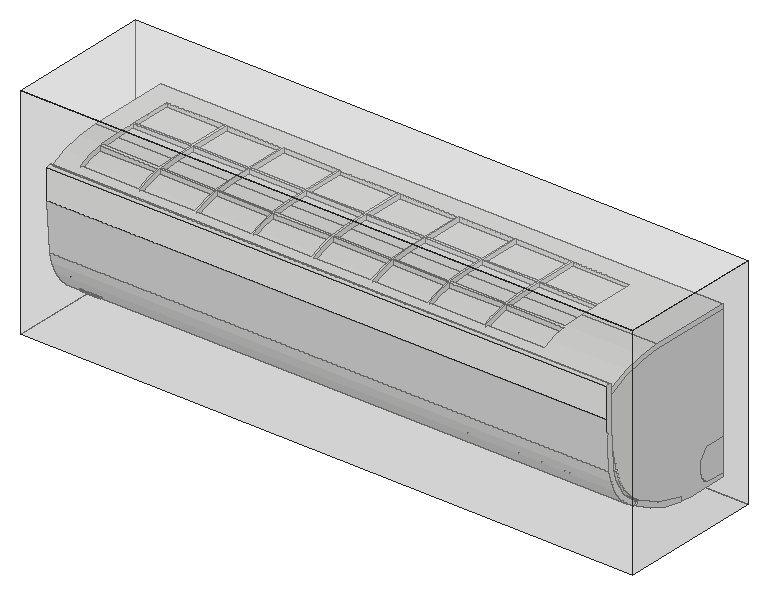
Revit family "outputfile", category 機械設備, Revit 2024
Family settings
  丸型コネクタ寸法 = 半径を使用
  パーツ タイプ = 標準
  OmniClass 番号 = 23.75.10.24.21.27.27
  OmniClass タイトル = Split System Air Conditioning Units
  作業面ベース = いいえ
  常に垂直 = はい
  ロード時にボイドで切り取り = いいえ
  注釈の向きを維持 = いいえ
  共有 = いいえ
  部屋計算ポイント = いいえ
Parameters (values of type "FXAQ40AVM")
  Description = ""
  製造元 = "Daikin"
  書き出し IFC クラス(タイプ) = "IfcUnitaryEquipmentType"
  定義済み IFC タイプ(タイプ) = "AIRCONDITIONINGUNIT"
  Cost = 0
  モデル = "FXAQ40AVM"
  Type Comments = ""
  Keynote = ""
  Type Image = (empty or 0)
  Assembly Code = ""
  w3_Indoor air flow = if(Width = 1050.0 mm, 109.0 mm, 1.0 mm)  # 109.0 mm
  w2_Indoor air flow = if(Width = 1050.0 mm, 103.0 mm, 98.0 mm)  # 103.0 mm
  w1_Indoor air flow = if(Width = 1050.0 mm, 108.0 mm, 103.0 mm)  # 108.0 mm
  r_Liquid Pipe Size = Liquid Pipe Size / 2  # 3.2 mm
  r_Gas Pipe Size = Gas Pipe Size / 2  # 6.35 mm
  r_Drain Pipe Size = Drain Pipe Size / 2  # 7.5 mm
  lw_powersupply [instance] = if(Width = 795.0 mm, if(or(Rear Right Connection_refrigerant, Bottom Right Connection_refrigerant), 83.0 mm, if(or(Rear Left Connection_refrigerant, Bottom Left Connection_refrigerant), 740.0 mm, 400.0 mm)), if(Width = 1050.0 mm, if(or(Rear Right Connection_refrigerant, Bottom Right Connection_refrigerant), 83.0 mm, if(or(Rear Left Connection_refrigerant, Bottom Left Connection_refrigerant), 712.0 mm + (1050.0 mm - 795.0 mm), 400.0 mm)), if(or(Rear Right Connection_refrigerant, Bottom Right Connection_refrigerant), 83.0 mm, if(or(Rear Left Connection_refrigerant, Bottom Left Connection_refrigerant), 712.0 mm, 400.0 mm))))  # 400.0 mm
  lw_liquidpipe [instance] = if(Width = 795.0 mm, if(or(Rear Right Connection_refrigerant, Bottom Right Connection_refrigerant), 0.0 mm, if(or(Rear Left Connection_refrigerant, Bottom Left Connection_refrigerant), 627.0 mm, 460.0 mm)), if(Width = 1050.0 mm, if(or(Rear Right Connection_refrigerant, Bottom Right Connection_refrigerant), 0.0 mm, if(or(Rear Left Connection_refrigerant, Bottom Left Connection_refrigerant), 627.0 mm + (1050.0 mm - 795.0 mm), 460.0 mm)), if(or(Rear Right Connection_refrigerant, Bottom Right Connection_refrigerant), 0.0 mm, if(or(Rear Left Connection_refrigerant, Bottom Left Connection_refrigerant), 627.0 mm, 460.0 mm))))  # 460.0 mm
  lw_gaspipe [instance] = if(Width = 795.0 mm, if(or(Rear Right Connection_refrigerant, Bottom Right Connection_refrigerant), 0.0 mm, if(or(Rear Left Connection_refrigerant, Bottom Left Connection_refrigerant), 620.0 mm, 415.0 mm)), if(Width = 1050.0 mm, if(or(Rear Right Connection_refrigerant, Bottom Right Connection_refrigerant), 0.0 mm, if(or(Rear Left Connection_refrigerant, Bottom Left Connection_refrigerant), 620.0 mm + (1050.0 mm - 795.0 mm), 415.0 mm)), if(or(Rear Right Connection_refrigerant, Bottom Right Connection_refrigerant), 0.0 mm, if(or(Rear Left Connection_refrigerant, Bottom Left Connection_refrigerant), 620.0 mm, 415.0 mm))))  # 415.0 mm
  lw_drainpipe [instance] = if(Width = 795.0 mm, if(or(Rear Right Connection_refrigerant, Bottom Right Connection_refrigerant), 0.0 mm, if(or(Rear Left Connection_refrigerant, Bottom Left Connection_refrigerant), 655.0 mm, 475.0 mm)), if(Width = 1050.0 mm, if(or(Rear Right Connection_refrigerant, Bottom Right Connection_refrigerant), 0.0 mm, if(or(Rear Left Connection_refrigerant, Bottom Left Connection_refrigerant), 655.0 mm + (1050.0 mm - 795.0 mm), 475.0 mm)), if(or(Rear Right Connection_refrigerant, Bottom Right Connection_refrigerant), 0.0 mm, if(or(Rear Left Connection_refrigerant, Bottom Left Connection_refrigerant), 655.0 mm, 475.0 mm))))  # 475.0 mm
  l_powersupply_length [instance] = if(Width = 795.0 mm, if(Right Connection_refrigerant, 400.0 mm, if(Left Connection_refrigerant, 395.0 mm, if(or(Rear Left Connection_refrigerant, Rear Right Connection_refrigerant), 15.0 mm, 50.0 mm))), if(Width = 1050.0 mm, if(Right Connection_refrigerant, 400.0 mm, if(Left Connection_refrigerant, 395.0 mm + (1050.0 mm - 795.0 mm), if(or(Rear Left Connection_refrigerant, Rear Right Connection_refrigerant), 15.0 mm, 50.0 mm))), if(Right Connection_refrigerant, 400.0 mm, if(Left Connection_refrigerant, 395.0 mm, if(or(Rear Left Connection_refrigerant, Rear Right Connection_refrigerant), 15.0 mm, 50.0 mm)))))  # 400.0 mm
  l_liquidpipe_length [instance] = if(Width = 795.0 mm, if(Right Connection_refrigerant, 558.0 mm, if(Left Connection_refrigerant, 237.0 mm, if(or(Rear Left Connection_refrigerant, Rear Right Connection_refrigerant), 30.0 mm, 40.0 mm))), if(Width = 1050.0 mm, if(Right Connection_refrigerant, 558.0 mm, if(Left Connection_refrigerant, 237.0 mm + (1050.0 mm - 795.0 mm), if(or(Rear Left Connection_refrigerant, Rear Right Connection_refrigerant), 30.0 mm, 40.0 mm))), if(Right Connection_refrigerant, 558.0 mm, if(Left Connection_refrigerant, 237.0 mm, if(or(Rear Left Connection_refrigerant, Rear Right Connection_refrigerant), 30.0 mm, 40.0 mm)))))  # 558.0 mm
  l_gaspipe_length [instance] = if(Width = 795.0 mm, if(Right Connection_refrigerant, 513.0 mm, if(Left Connection_refrigerant, 282.0 mm, if(or(Rear Left Connection_refrigerant, Rear Right Connection_refrigerant), 40.0 mm, 50.0 mm))), if(Width = 1050.0 mm, if(Right Connection_refrigerant, 513.0 mm, if(Left Connection_refrigerant, 282.0 mm + (1050.0 mm - 795.0 mm), if(or(Rear Left Connection_refrigerant, Rear Right Connection_refrigerant), 40.0 mm, 50.0 mm))), if(Right Connection_refrigerant, 513.0 mm, if(Left Connection_refrigerant, 282.0 mm, if(or(Rear Left Connection_refrigerant, Rear Right Connection_refrigerant), 40.0 mm, 50.0 mm)))))  # 513.0 mm
  l_drainpipe_length [instance] = if(Width = 795.0 mm, if(Right Connection_refrigerant, 573.0 mm, if(Left Connection_refrigerant, 222.0 mm, if(or(Rear Left Connection_refrigerant, Rear Right Connection_refrigerant), 15.0 mm, 20.0 mm))), if(Width = 1050.0 mm, if(Right Connection_refrigerant, 573.0 mm, if(Left Connection_refrigerant, 222.0 mm + (1050.0 mm - 795.0 mm), if(or(Rear Left Connection_refrigerant, Rear Right Connection_refrigerant), 15.0 mm, 20.0 mm))), if(Right Connection_refrigerant, 573.0 mm, if(Left Connection_refrigerant, 477.0 mm, if(or(Rear Left Connection_refrigerant, Rear Right Connection_refrigerant), 15.0 mm, 20.0 mm)))))  # 573.0 mm
  h*** = 0.0 mm  # constant formula
  d1_Indoor air flow = if(Width = 1050.0 mm, 38.0 mm, 35.0 mm)  # 38.0 mm
  angle_vertical [instance] = if(or(Bottom Left Connection_refrigerant, Bottom Right Connection_refrigerant), 0.00°, 90.00°)  # 90.00°
  angle_horizontal [instance] = if(Right Connection_refrigerant, 90.00°, if(Left Connection_refrigerant, -90.00°, if(or(Rear Left Connection_refrigerant, Rear Right Connection_refrigerant), 180.00°, 0.00°)))  # 90.00°
  Width = 1050.0 mm
  Voltage_comment_60Hz = "220-230"
  Voltage_comment_50Hz = "220-240"
  Voltage_60Hz = 220 V
  Voltage_50Hz = 230 V
  Version = "ver.1.0"
  Unit Type = "Wall Mounted Type"
  Unit Mass Weight = 15.00 kg
  Unit Designation [instance] = ""
  Uniclass2015Version = "Products v1.30"
  Uniclass2015Title = "Variable refrigerant flow units"
  Uniclass2015Code = "Pr_70_65_03_94"
  URL = ""
  Total Heating Capacity [instance] = 0.000 kW
  Total Cooling Capacity [instance] = 0.000 kW
  Sound Pressure Level_M speed (dBA) = 0
  Sound Pressure Level_L speed (dBA) = 33.5
  Sound Pressure Level_H speed (dBA) = 37
  Sound Power Level_H speed (dB) = 0
  Series = "VRV Fan Coil Unit"
  Sensible Cooling Capacity [instance] = 0.000 kW
  Refrigerant Type = "R410A"
  Power Input (Heating) = 0.050 kW
  Power Input (Cooling) = 0.050 kW
  Phase_60Hz = 1
  Phase_50Hz = 1
  Option Accessory 3 [instance] = ""
  Option Accessory 2 [instance] = ""
  Option Accessory 1 [instance] = ""
  Nominal Heating Capacity = 5.000 kW
  Nominal Cooling Capacity = 4.500 kW
  Minimum Circuit Amps_60Hz = 0.7 A
  Minimum Circuit Amps_50Hz = 0.7 A
  Minimum Airflow = 582.00 m³/h
  Median Airflow = 0.00 m³/h
  Maximum Fuse Amps_60Hz = 15.0 A
  Maximum Fuse Amps_50Hz = 15.0 A
  Maximum Airflow = 732.00 m³/h
  Material_Casing = DAIKIN_White_Casing_indoorunit
  Load Classification = HVAC
  Liquid Pipe Size = 6.4 mm
  Link_Nested Family [instance] = ""
  IfcVersion = "0"
  IfcExportType = "AIRCONDITIONINGUNIT"
  IfcExportAs = "IfcUnitaryEquipmentType"
  Height = 290.0 mm
  Heating Entering Wet Bulb Temperature [instance] = 0.00 °C
  Heating Entering Dry Bulb Temperature [instance] = 0.00 °C
  Heating Ambient Wet Bulb Temperature [instance] = 0.00 °C
  Heating Ambient Dry Bulb Temperature [instance] = 0.00 °C
  Heat Exchanger Type = "Cross Fin Coil"
  Gas Pipe Size = 12.7 mm
  Frequency_60Hz = 60 Hz
  Frequency_50Hz = 50 Hz
  Fan Type = "Cross Flow Fan"
  Fan Drive = "Direct Drive"
  FCU Tag No. [instance] = ""
  Drain Pipe Size = 15.0 mm
  Design Supply Airflow [instance] = 0.00 m³/h
  Depth = 269.0 mm
  既定の高さ = 0.0 mm
  Cooling Entering Wet Bulb Temperature [instance] = 0.00 °C
  Cooling Entering Dry Bulb Temperature [instance] = 0.00 °C
  Cooling Ambient Wet Bulb Temperature [instance] = 0.00 °C
  Cooling Ambient Dry Bulb Temperature [instance] = 0.00 °C
  Clearance visibility [instance] = yes
  Clearance Top = 90.0 mm
  Clearance Right = 50.0 mm
  Clearance Rear = 0.0 mm
  Clearance Left = 50.0 mm
  Clearance Front = 0.0 mm
  Clearance Bottom = 30.0 mm
  Bottom Right Connection_refrigerant [instance] = no
  Bottom Left Connection_refrigerant [instance] = no
  Rear Right Connection_refrigerant [instance] = no
  Rear Left Connection_refrigerant [instance] = no
  Right Connection_refrigerant [instance] = yes
  Left Connection_refrigerant [instance] = no
Reference planes
  plane 1 "Back": y = 0
  plane 2: z = 0
  plane 3 "Center (Left/Right)": x = 0
  plane 4 "Center (Front/Back)": y = -134.5
  plane 5 "Front": y = -269
  plane 6 "Left": x = -525
  plane 7 "Right": x = 525
  plane 8 "Top": z = 0
  plane 9 "Bottom": z = -290
  plane 10 "Front panel_Left": x = -523
  plane 11 "Front panel_Right": x = 523
  plane 12: x = 389
  plane 13: x = 384
  plane 14: x = -573
  plane 15: x = 573
  plane 16: y = 0
  plane 17: y = -269
  plane 18: z = 90
  plane 19: z = -320
  plane 20: y = -38
  plane 21: y = -114.5
  plane 22: y = -190.5
  plane 23: y = -240
  plane 24: y = -118
  plane 25: y = -194
  plane 26: x = -50
  plane 27: x = -52
  plane 28: x = -48
  plane 29: x = 60
  plane 30: x = -160
  plane 31: x = -163
  plane 32: x = 63
  plane 33: x = -266
  plane 34: x = 166
  plane 35: x = -269
  plane 36: x = 169
  plane 37: x = -372
  plane 38: x = 272
  plane 39: x = -375
  plane 40: x = 275
  plane 41: x = 384
  plane 42: x = -484
  plane 43 "lw_Piping and Wiring intake": x = 427
  plane 44 "lw_gaspipe": x = 12
  plane 45 "lw_liquidpipe": x = -33
  plane 46 "lw_drainpipe": x = -48
  plane 47 "lh_drainpipe": z = -270
  plane 48 "lh_liquidpipe": z = -250
  plane 49 "lh_gaspipe": z = -240
  plane 50 "ld_drainpipe": y = -15
  plane 51 "ld_liquidpipe": y = -30
  plane 52 "ld_gaspipe": y = -40
  plane 53 "lw_powersupply": x = 125
Forms (mm)
  Extrusion 1, solid, material "DAIKIN_White_Casing_indoorunit" <- "Material_Casing"
    sketch origin (0, 0, 0) x (0, 1, 0) y (0, 0, 1)
      loop
        line (0, 0) -> (-153.182, 0)
        arc (-153.182, 0) -> (-207.578, -6.929) -> (-258.5, -27.273) r 216.99
        line (-258.5, -27.273) -> (-258.5, -36.477)
        arc (-258.5, -36.477) -> (-207.732, -15.245) -> (-153.182, -8) r 208.99
        line (-153.182, -8) -> (0, -8) -> (0, 0)
    from -525 to 525
  Extrusion 2, solid, material "DAIKIN_White_Casing_indoorunit" <- "Material_Casing"
    sketch origin (0, 0, 0) x (0, 1, 0) y (0, 0, 1)
      loop
        arc (-153.182, -8) -> (-207.732, -15.245) -> (-258.5, -36.477) r 208.99
        line (-258.5, -36.477) -> (-258.5, -86.08)
        arc (-258.5, -86.08) -> (-255.889, -129.793) -> (-248.094, -172.885) r 367.242
        arc (-248.094, -172.885) -> (-229.647, -212.392) -> (-197.378, -241.715) r 110.72
        arc (-197.378, -241.715) -> (-148.03, -265.605) -> (-95.247, -280.433) r 310.126
        line (-95.247, -280.433) -> (-95.247, -288.232)
        arc (-95.247, -288.232) -> (-84.534, -289.557) -> (-73.748, -290) r 131.592
        line (-73.748, -290) -> (0, -290) -> (0, -8) -> (-153.182, -8)
    from -525 to 525
  Extrusion 3, solid, material "DAIKIN_White_Casing_indoorunit" <- "Material_Casing"
    sketch origin (525, 1296.25, 1200) x (0, 1, 0) y (0, 0, 1)
      loop
        line (-1491.901, -1442.741) -> (-1496.494, -1450.482)
        arc (-1496.494, -1450.482) -> (-1447.058, -1474.911) -> (-1393.497, -1488.023) r 252.452
        line (-1393.497, -1488.023) -> (-1393.497, -1480.051)
        arc (-1393.497, -1480.051) -> (-1444.293, -1465.6) -> (-1491.901, -1442.741) r 310.126
    from 0 to -40.5
  Extrusion 4, solid, material "DAIKIN_White_Casing_indoorunit" <- "Material_Casing"
    sketch origin (0, 0, 0) x (0, 1, 0) y (0, 0, 1)
      loop
        line (-260, -76.896) -> (-260, -19.457) -> (-261.688, -19.457)
        arc (-261.688, -19.457) -> (-265.551, -20.17) -> (-269, -22.048) r 12.48
        line (-269, -22.048) -> (-269, -76.896) -> (-260, -76.896)
    from -523 to 523
  Extrusion 5, solid, material "DAIKIN_White_Casing_indoorunit" <- "Material_Casing"
    sketch origin (0, 0, 0) x (0, 1, 0) y (0, 0, 1)
      loop
        arc (-269, -76.896) -> (-267.342, -121.828) -> (-262.378, -166.517) r 609.735
        line (-262.378, -166.517) -> (-253.471, -165.192)
        arc (-253.471, -165.192) -> (-258.366, -121.165) -> (-260, -76.896) r 600.314
        line (-260, -76.896) -> (-269, -76.896)
    from -523 to 523
  Extrusion 6, solid, material "DAIKIN_White_Casing_indoorunit" <- "Material_Casing"
    sketch origin (0, 0, 0) x (0, 1, 0) y (0, 0, 1)
      loop
        arc (-262.378, -166.517) -> (-243.331, -214.672) -> (-204.947, -249.433) r 114
        line (-204.947, -249.433) -> (-200.324, -241.643)
        arc (-200.324, -241.643) -> (-235.845, -209.638) -> (-253.471, -165.192) r 104.894
        line (-253.471, -165.192) -> (-262.378, -166.517)
    from -523 to 523
  Extrusion 7, solid, material "DAIKIN_White_Casing_indoorunit" <- "Material_Casing"
    sketch origin (-525, 1296.25, 1200) x (0, 1, 0) y (0, 0, 1)
      loop
        arc (-1496.494, -1450.482) -> (-1447.058, -1474.911) -> (-1393.497, -1488.023) r 252.452
        line (-1393.497, -1488.023) -> (-1393.497, -1480.051)
        arc (-1393.497, -1480.051) -> (-1444.293, -1465.6) -> (-1491.901, -1442.741) r 310.126
        line (-1491.901, -1442.741) -> (-1496.494, -1450.482)
    from 0 to 40.5
  Extrusion 8, solid, material "DAIKIN_White_Casing_indoorunit" <- "Material_Casing"
    sketch origin (0, 0, 0) x (0, 1, 0) y (0, 0, 1)
      loop
        arc (-134.549, -280.22) -> (-116.045, -284.826) -> (-97.247, -288.023) r 252.452
        line (-97.247, -288.023) -> (-97.247, -280.051)
        arc (-97.247, -280.051) -> (-114.669, -276.142) -> (-131.838, -271.237) r 310.126
        line (-131.838, -271.237) -> (-134.549, -280.22)
    from -484.5 to 484.5
  Extrusion 9, solid, material "DAIKIN_White_Casing_indoorunit" <- "Material_Casing"
    sketch origin (389, -1524, 1789.769) x (0, 0, 1) y (0, -1, 0)
      loop
        line (-2032.51, -1328.35) -> (-2040.251, -1323.756)
        arc (-2040.251, -1323.756) -> (-2050.358, -1341.058) -> (-2059.061, -1359.107) r 252.452
        line (-2059.061, -1359.107) -> (-2050.603, -1364.126)
        arc (-2050.603, -1364.126) -> (-2042.135, -1345.945) -> (-2032.51, -1328.35) r 310.126
    from 0 to 95.5
  Extrusion 10, solid, material "DAIKIN_White_Casing_indoorunit" <- "Material_Casing"
    sketch origin (389, -1524, 1789.769) x (0, 0, 1) y (0, -1, 0)
      loop
        arc (-2059.061, -1359.107) -> (-2065.01, -1374.104) -> (-2069.989, -1389.451) r 252.452
        line (-2069.989, -1389.451) -> (-2061.006, -1392.162)
        arc (-2061.006, -1392.162) -> (-2056.142, -1378.019) -> (-2050.603, -1364.126) r 310.126
        line (-2050.603, -1364.126) -> (-2059.061, -1359.107)
    from 0 to 95.5
  Extrusion 11, solid, material "DAIKIN_White_Casing_indoorunit" <- "Material_Casing"
    sketch origin (384, -1524, 1089.438) x (0, 0, 1) y (0, -1, 0)
      loop
        arc (-1350.272, -1364.126) -> (-1341.805, -1345.945) -> (-1332.179, -1328.35) r 310.126
        line (-1332.179, -1328.35) -> (-1339.92, -1323.756)
        arc (-1339.92, -1323.756) -> (-1350.027, -1341.058) -> (-1358.73, -1359.107) r 252.452
        line (-1358.73, -1359.107) -> (-1350.272, -1364.126)
    from 0 to -868.5
  Extrusion 12, solid, material "DAIKIN_White_Casing_indoorunit" <- "Material_Casing"
    sketch origin (384, -1524, 1089.438) x (0, 0, 1) y (0, -1, 0)
      loop
        arc (-1360.675, -1392.162) -> (-1355.812, -1378.019) -> (-1350.272, -1364.126) r 310.126
        line (-1350.272, -1364.126) -> (-1358.73, -1359.107)
        arc (-1358.73, -1359.107) -> (-1364.679, -1374.104) -> (-1369.658, -1389.451) r 252.452
        line (-1369.658, -1389.451) -> (-1360.675, -1392.162)
    from 0 to -868.5
  Extrusion 13, void
    sketch origin (0, 0, 0) x (-1, 0, 0) y (0, -1, 0)
      loop
        line (48, 38) -> (48, 114.5) -> (-60, 114.5) -> (-60, 38) -> (48, 38)
      loop
        line (-63, 38) -> (-63, 114.5) -> (-166, 114.5) -> (-166, 38) -> (-63, 38)
      loop
        line (-169, 38) -> (-169, 114.5) -> (-272, 114.5) -> (-272, 38) -> (-169, 38)
      loop
        line (-275, 38) -> (-275, 114.5) -> (-384, 114.5) -> (-384, 38) -> (-275, 38)
      loop
        line (160, 38) -> (160, 114.5) -> (52, 114.5) -> (52, 38) -> (160, 38)
      loop
        line (-275, 118) -> (-275, 190.5) -> (-384, 190.5) -> (-384, 118) -> (-275, 118)
      loop
        line (-275, 194) -> (-275, 240) -> (-384, 240) -> (-384, 194) -> (-275, 194)
      loop
        line (-169, 240) -> (-272, 240) -> (-272, 194) -> (-169, 194) -> (-169, 240)
      loop
        line (-63, 240) -> (-166, 240) -> (-166, 194) -> (-63, 194) -> (-63, 240)
      loop
        line (-60, 194) -> (48, 194) -> (48, 240) -> (-60, 240) -> (-60, 194)
      loop
        line (160, 240) -> (52, 240) -> (52, 194) -> (160, 194) -> (160, 240)
      loop
        line (266, 240) -> (163, 240) -> (163, 194) -> (266, 194) -> (266, 240)
      loop
        line (372, 240) -> (269, 240) -> (269, 194) -> (372, 194) -> (372, 240)
      loop
        line (163, 38) -> (266, 38) -> (266, 114.5) -> (163, 114.5) -> (163, 38)
      loop
        line (269, 38) -> (372, 38) -> (372, 114.5) -> (269, 114.5) -> (269, 38)
      loop
        line (372, 118) -> (372, 190.5) -> (269, 190.5) -> (269, 118) -> (372, 118)
      loop
        line (266, 118) -> (266, 190.5) -> (163, 190.5) -> (163, 118) -> (266, 118)
      loop
        line (160, 118) -> (160, 190.5) -> (52, 190.5) -> (52, 118) -> (160, 118)
      loop
        line (48, 118) -> (48, 190.5) -> (-60, 190.5) -> (-60, 118) -> (48, 118)
      loop
        line (-63, 118) -> (-63, 190.5) -> (-166, 190.5) -> (-166, 118) -> (-63, 118)
      loop
        line (-169, 118) -> (-169, 190.5) -> (-272, 190.5) -> (-272, 118) -> (-169, 118)
      loop
        line (375, 38) -> (484, 38) -> (484, 114.5) -> (375, 114.5) -> (375, 38)
      loop
        line (484, 118) -> (484, 190.5) -> (375, 190.5) -> (375, 118) -> (484, 118)
      loop
        line (484, 240) -> (375, 240) -> (375, 194) -> (484, 194) -> (484, 240)
    from 2 to -30
  Extrusion 14, solid, material "DAIKIN_White_Casing_indoorunit" <- "Material_Casing"
    sketch origin (0, 0, 0) x (1, 0, 0) y (0, 0, 1)
      loop
        circle (427, -246) r 40
      loop
        circle (-465, -246) r 40
    from 0 to 5
  Extrusion 15, solid, material "DAIKIN_White_Casing_indoorunit" <- "Material_Casing"
    sketch origin (525, 1296.25, 1200) x (0, -1, 0) y (0, 0, 1)
      loop
        line (1326.25, -1422) -> (1296.25, -1422) -> (1296.25, -1482) -> (1326.25, -1482)
        arc (1326.25, -1482) -> (1340.393, -1476.142) -> (1346.25, -1462) r 20
        line (1346.25, -1462) -> (1346.25, -1442)
        arc (1346.25, -1442) -> (1340.393, -1427.858) -> (1326.25, -1422) r 20
    from 0 to 5
  Extrusion 16, solid, material "DAIKIN_White_Casing_indoorunit" <- "Material_Casing"
    sketch origin (-525, 1296.25, 1200) x (0, 1, 0) y (0, 0, 1)
      loop
        line (-1296.25, -1422) -> (-1326.25, -1422)
        arc (-1326.25, -1422) -> (-1340.393, -1427.858) -> (-1346.25, -1442) r 20
        line (-1346.25, -1442) -> (-1346.25, -1462)
        arc (-1346.25, -1462) -> (-1340.393, -1476.142) -> (-1326.25, -1482) r 20
        line (-1326.25, -1482) -> (-1296.25, -1482) -> (-1296.25, -1422)
    from 0 to 5
  Extrusion 17, solid, material "DAIKIN_White_Casing_indoorunit" <- "Material_Casing"
    sketch origin (0, 0, -290) x (-1, 0, 0) y (0, -1, 0)
      loop
        line (-397, 0) -> (-397, 30)
        arc (-397, 30) -> (-402.858, 44.142) -> (-417, 50) r 20
        line (-417, 50) -> (-437, 50)
        arc (-437, 50) -> (-451.142, 44.142) -> (-457, 30) r 20
        line (-457, 30) -> (-457, 0) -> (-397, 0)
      loop
        line (495, 0) -> (495, 30)
        arc (495, 30) -> (489.142, 44.142) -> (475, 50) r 20
        line (475, 50) -> (455, 50)
        arc (455, 50) -> (440.858, 44.142) -> (435, 30) r 20
        line (435, 30) -> (435, 0) -> (495, 0)
    from 0 to 5
Cuts and joins
  joined: Extrusion 4, Extrusion 5, Extrusion 6
  joined: Extrusion 3, Extrusion 7, Extrusion 8
  Extrusion 13 cuts Extrusion 1
Lines and regions (mm)
  reference lines
    curve 1: line (-523, -230.394, -229.966) -> (-523, -223.117, -236.824)
Dimensions and locks
  equal spacing: plane 6 "Left", plane 3 "Center (Left/Right)", plane 7 "Right"
  "Width": plane 6 "Left" to plane 7 "Right"
  equal spacing: plane 5 "Front", plane 4 "Center (Front/Back)", plane 1 "Back"
  "Depth": plane 5 "Front" to plane 1 "Back"
  "Height": plane 8 "Top" to plane 9 "Bottom"
  locked: Extrusion 1 sketch curve to Extrusion 1 sketch curve at 8
  locked: Extrusion 2 sketch curve to plane 1 "Back" at 73.748
  locked: Extrusion 3 sketch curve to plane 1 "Back" at 97.247
  locked: Extrusion 4 sketch curve to Extrusion 4 sketch curve at 9
  locked: plane 8 "Top" to Extrusion 4 sketch curve at 19.457
  locked: plane 5 "Front" to Extrusion 6 sketch curve at 6.622
  locked: plane 5 "Front" to Extrusion 6 sketch curve at 15.529
  locked: plane 10 "Front panel_Left" to plane 6 "Left" at 2
  locked: plane 7 "Right" to plane 11 "Front panel_Right" at 2
  locked: cut or joined group of Extrusion 3, Extrusion 7, Extrusion 8 to Extrusion 9 sketch curve at 40
  locked: plane 7 "Right" to plane 12 at 136
  locked: plane 12 to plane 13 at 5
  "Clearance Left": plane 14 to plane 10 "Front panel_Left"
  "Clearance Right": plane 11 "Front panel_Right" to plane 15
  "Clearance Rear": plane 16 to plane 1 "Back"
  "Clearance Front": plane 17 to plane 5 "Front"
  "Clearance Top": plane 18 to plane 8 "Top"
  "Clearance Bottom": plane 9 "Bottom" to plane 19
  locked: nested 2 to plane 10 "Front panel_Left" at 50
  "d1_Indoor air flow": plane 20 to plane 1 "Back"
  locked: plane 20 to plane 21 at 76.5
  locked: plane 21 to plane 24 at 3.5
  locked: plane 24 to plane 22 at 72.5
  locked: plane 22 to plane 25 at 3.5
  locked: plane 25 to plane 23 at 46
  locked: plane 26 to plane 3 "Center (Left/Right)" at 50
  equal spacing: plane 27, plane 26, plane 28
  locked: plane 27 to plane 28 at 4
  "w1_Indoor air flow": plane 28 to plane 29
  "w1_Indoor air flow": plane 30 to plane 27
  locked: plane 31 to plane 30 at 3
  locked: plane 29 to plane 32 at 3
  "w2_Indoor air flow": plane 33 to plane 31
  "w2_Indoor air flow": plane 32 to plane 34
  locked: plane 35 to plane 33 at 3
  locked: plane 34 to plane 36 at 3
  locked: plane 37 to plane 35 at 103
  locked: plane 36 to plane 38 at 103
  locked: plane 39 to plane 37 at 3
  locked: plane 38 to plane 40 at 3
  "w3_Indoor air flow": plane 40 to plane 41
  "w3_Indoor air flow": plane 42 to plane 39
  locked: plane 9 "Bottom" to Extrusion 14 sketch curve at 44  (x2)
  locked: Extrusion 14 sketch curve to plane 6 "Left" at 60
  locked: plane 7 "Right" to Extrusion 14 sketch curve at 98
  locked: plane 43 "lw_Piping and Wiring intake" to plane 7 "Right" at 98
  "lw_gaspipe": plane 44 "lw_gaspipe" to plane 43 "lw_Piping and Wiring intake"
  "lw_liquidpipe": plane 45 "lw_liquidpipe" to plane 43 "lw_Piping and Wiring intake"
  "lw_drainpipe": plane 46 "lw_drainpipe" to plane 43 "lw_Piping and Wiring intake"
  locked: plane 47 "lh_drainpipe" to plane 9 "Bottom" at 20
  locked: plane 48 "lh_liquidpipe" to plane 9 "Bottom" at 40
  locked: plane 49 "lh_gaspipe" to plane 9 "Bottom" at 50
  locked: plane 50 "ld_drainpipe" to plane 1 "Back" at 15
  locked: plane 1 "Back" to plane 51 "ld_liquidpipe" at 30
  locked: plane 1 "Back" to plane 52 "ld_gaspipe" at 40
  Extrusion 15 sketch curve to Extrusion 15 sketch curve to plane 9 "Bottom" = 60.0 mm locked, 8.0 mm locked
  locked: Extrusion 15 sketch curve to Extrusion 15 sketch curve at 50
  locked: Extrusion 17 sketch curve to Extrusion 17 sketch curve at 60  (x2)
  locked: Extrusion 17 sketch curve to Extrusion 17 sketch curve at 50
  locked: Extrusion 17 sketch curve to plane 43 "lw_Piping and Wiring intake" at 30
  locked: plane 6 "Left" to Extrusion 17 sketch curve at 30
  "lw_powersupply": plane 53 "lw_powersupply" to plane 7 "Right"
  radius of Extrusion 5 sketch curve = 609.735 mm
  radius of Extrusion 5 sketch curve = 600.314 mm
  aligned and locked: level to plane 2
  aligned and locked: plane 8 "Top" to Extrusion 1 sketch curve
  aligned and locked: plane 1 "Back" to Extrusion 1 sketch curve
  aligned and locked: Extrusion 1 to plane 6 "Left"
  aligned and locked: plane 7 "Right" to Extrusion 1
  aligned and locked: Extrusion 2 sketch curve to Extrusion 1
  aligned and locked: Extrusion 1 to Extrusion 2 sketch curve
  aligned and locked: plane 1 "Back" to Extrusion 2 sketch curve
  aligned and locked: Extrusion 2 sketch curve to plane 9 "Bottom"
  aligned and locked: Extrusion 2 to plane 6 "Left"
  aligned and locked: plane 7 "Right" to Extrusion 2
  aligned and locked: Extrusion 3 sketch curve to Extrusion 2
  aligned and locked: plane 5 "Front" to Extrusion 4 sketch curve
  aligned and locked: Extrusion 5 sketch curve to Extrusion 4
  aligned and locked: Extrusion 6 sketch curve to Extrusion 5
  aligned and locked: cut or joined group of Extrusion 4, Extrusion 5, Extrusion 6 to plane 11 "Front panel_Right"  (x3)
  aligned and locked: plane 10 "Front panel_Left" to cut or joined group of Extrusion 4, Extrusion 5, Extrusion 6  (x3)
  aligned and locked: Extrusion 7 sketch curve to Extrusion 3  (x4)
  aligned and locked: Extrusion 8 sketch curve to Extrusion 3  (x3)
  aligned and locked: Extrusion 8 to Extrusion 3
  aligned and locked: Extrusion 8 to Extrusion 7
  aligned and locked: Extrusion 9 sketch curve to cut or joined group of Extrusion 3, Extrusion 7, Extrusion 8  (x3)
  aligned and locked: Extrusion 10 sketch curve to cut or joined group of Extrusion 3, Extrusion 7, Extrusion 8  (x3)
  aligned and locked: Extrusion 10 sketch curve to Extrusion 9
  aligned and locked: Extrusion 9 to cut or joined group of Extrusion 3, Extrusion 7, Extrusion 8
  aligned and locked: Extrusion 10 to cut or joined group of Extrusion 3, Extrusion 7, Extrusion 8
  aligned and locked: Extrusion 11 sketch curve to Extrusion 9  (x4)
  aligned and locked: Extrusion 11 to cut or joined group of Extrusion 3, Extrusion 7, Extrusion 8
  aligned and locked: Extrusion 12 sketch curve to Extrusion 10  (x4)
  aligned and locked: Extrusion 12 to cut or joined group of Extrusion 3, Extrusion 7, Extrusion 8
  aligned and locked: plane 16 to nested 1
  aligned and locked: nested 1 to plane 17
  aligned and locked: plane 14 to nested 1
  aligned and locked: plane 15 to nested 1
  aligned and locked: plane 19 to nested 1
  aligned and locked: plane 18 to nested 1
  aligned and locked: nested 2 to curve 1
  aligned and locked: Extrusion 13 sketch curve to plane 20  (x5)
  aligned and locked: plane 28 to Extrusion 13 sketch curve  (x2)
  aligned and locked: plane 21 to Extrusion 13 sketch curve  (x5)
  aligned and locked: Extrusion 13 sketch curve to plane 29  (x2)
  aligned and locked: plane 32 to Extrusion 13 sketch curve  (x2)
  aligned and locked: Extrusion 13 sketch curve to plane 34  (x2)
  aligned and locked: plane 36 to Extrusion 13 sketch curve  (x2)
  aligned and locked: Extrusion 13 sketch curve to plane 38  (x2)
  aligned and locked: plane 40 to Extrusion 13 sketch curve  (x3)
  aligned and locked: Extrusion 13 sketch curve to plane 41  (x3)
  aligned and locked: plane 30 to Extrusion 13 sketch curve  (x2)
  aligned and locked: Extrusion 13 sketch curve to plane 27  (x2)
  aligned and locked: Extrusion 13 sketch curve to plane 24  (x8)
  aligned and locked: plane 22 to Extrusion 13 sketch curve  (x8)
  aligned and locked: Extrusion 13 sketch curve to plane 25
  aligned and locked: plane 23 to Extrusion 13 sketch curve
  aligned and locked: Extrusion 13 sketch curve to plane 23  (x7)
  aligned and locked: Extrusion 13 sketch curve to plane 36
  aligned and locked: plane 25 to Extrusion 13 sketch curve  (x7)
  aligned and locked: plane 38 to Extrusion 13 sketch curve
  aligned and locked: Extrusion 13 sketch curve to plane 32
  aligned and locked: plane 34 to Extrusion 13 sketch curve
  aligned and locked: plane 29 to Extrusion 13 sketch curve
  aligned and locked: Extrusion 13 sketch curve to plane 28
  aligned and locked: Extrusion 13 sketch curve to plane 30
  aligned and locked: plane 27 to Extrusion 13 sketch curve
  aligned and locked: Extrusion 13 sketch curve to plane 33  (x2)
  aligned and locked: plane 31 to Extrusion 13 sketch curve  (x2)
  aligned and locked: Extrusion 13 sketch curve to plane 37  (x2)
  aligned and locked: plane 35 to Extrusion 13 sketch curve  (x2)
  aligned and locked: plane 20 to Extrusion 13 sketch curve  (x3)
  aligned and locked: Extrusion 13 sketch curve to plane 21  (x3)
  aligned and locked: plane 37 to Extrusion 13 sketch curve
  aligned and locked: Extrusion 13 sketch curve to plane 35
  aligned and locked: plane 33 to Extrusion 13 sketch curve
  aligned and locked: Extrusion 13 sketch curve to plane 31
  aligned and locked: plane 39 to Extrusion 13 sketch curve  (x2)
  aligned and locked: Extrusion 13 sketch curve to plane 42  (x2)
  aligned and locked: plane 42 to Extrusion 13 sketch curve
  aligned and locked: Extrusion 13 sketch curve to plane 39
  aligned and locked: plane 1 "Back" to Extrusion 15 sketch curve
  aligned and locked: Extrusion 16 sketch curve to Extrusion 15  (x4)
  aligned and locked: Extrusion 17 sketch curve to Extrusion 17 sketch curve  (x2)
  aligned and locked: plane 1 "Back" to Extrusion 17 sketch curve
  aligned and locked: plane 44 "lw_gaspipe" to nested 3
  aligned and locked: nested 3 to plane 52 "ld_gaspipe"
  aligned and locked: plane 45 "lw_liquidpipe" to nested 4
  aligned and locked: nested 4 to plane 51 "ld_liquidpipe"
  aligned and locked: plane 46 "lw_drainpipe" to nested 5
  aligned and locked: nested 5 to plane 50 "ld_drainpipe"
  aligned and locked: nested 6 to plane 50 "ld_drainpipe"
  aligned and locked: plane 53 "lw_powersupply" to nested 6
  aligned and locked: level to plane 8 "Top"
Automatic sketch dimensions
  Extrusion 1 sketch curve to plane 8 "Top" = 0.0 mm
  Extrusion 1 sketch curve to plane 4 "Center (Front/Back)" = 18.682 mm
  Extrusion 1 sketch curve to Extrusion 1 sketch curve = 9.205 mm
  Extrusion 1 sketch curve to Extrusion 1 sketch curve = 0.0 mm  (x3)
  Extrusion 1 sketch curve to plane 5 "Front" = 10.5 mm
  Extrusion 2 sketch curve to plane 4 "Center (Front/Back)" = 6.011 mm
  plane 9 "Bottom" to Extrusion 2 sketch curve = 9.567 mm
  Extrusion 2 sketch curve to Extrusion 2 sketch curve = 21.499 mm
  plane 1 "Back" to Extrusion 2 sketch curve = 38.095 mm
  Extrusion 2 sketch curve to plane 8 "Top" = 86.08 mm
  Extrusion 2 sketch curve to Extrusion 2 sketch curve = 7.799 mm
  Extrusion 2 sketch curve to Extrusion 2 sketch curve = 11.695 mm
  plane 8 "Top" to Extrusion 2 sketch curve = 24.382 mm
  Extrusion 2 sketch curve to Extrusion 2 sketch curve = 0.0 mm  (x2)
  Extrusion 4 sketch curve to Extrusion 4 sketch curve = 1.688 mm
  Extrusion 4 sketch curve to plane 5 "Front" = 7.618 mm
  Extrusion 4 sketch curve to Extrusion 4 sketch curve = 12.476 mm
  Extrusion 4 sketch curve to Extrusion 4 sketch curve = 44.963 mm
  Extrusion 5 sketch curve to Extrusion 5 sketch curve = 0.421 mm
  Extrusion 5 sketch curve to plane 5 "Front" = 6.622 mm
  Extrusion 5 sketch curve to Extrusion 5 sketch curve = 8.907 mm
  Extrusion 5 sketch curve to plane 5 "Front" = 0.0 mm
  plane 9 "Bottom" to Extrusion 6 sketch curve = 40.567 mm
  Extrusion 6 sketch curve to Extrusion 6 sketch curve = 4.622 mm
  Extrusion 6 sketch curve to Extrusion 6 sketch curve = 0.102 mm
  Extrusion 6 sketch curve to Extrusion 6 sketch curve = 0.003 mm
  Extrusion 6 sketch curve to Extrusion 6 sketch curve = 48.524 mm
  Extrusion 6 sketch curve to Extrusion 6 sketch curve = 50.607 mm
  plane 9 "Bottom" to Extrusion 3 sketch curve = 47.259 mm
  Extrusion 3 sketch curve to Extrusion 3 sketch curve = 4.593 mm
  plane 1 "Back" to Extrusion 3 sketch curve = 64.356 mm
  plane 9 "Bottom" to Extrusion 3 sketch curve = 1.977 mm
  Extrusion 3 sketch curve to Extrusion 3 sketch curve = 7.741 mm
  plane 4 "Center (Front/Back)" to Extrusion 8 sketch curve = 2.662 mm
  Extrusion 8 sketch curve to plane 4 "Center (Front/Back)" = 0.049 mm
  plane 9 "Bottom" to curve 1 = 53.176 mm
  curve 1 to plane 5 "Front" = 45.883 mm
  curve 1 to curve 1 = 6.859 mm
  curve 1 to curve 1 = 7.277 mm
  Extrusion 15 sketch curve to plane 51 "ld_liquidpipe" = 0.0 mm  (x2)
  Extrusion 17 sketch curve to plane 51 "ld_liquidpipe" = 0.0 mm  (x4)
  radius of Extrusion 14 sketch curve = 40.0 mm  (x2)
Nested families
  nested 1: "daikin_clearancespace" at (0, -134.5, -114.881), show <- "Clearance visibility", visible <- "Clearance visibility", Link_Nested Family <- "Link_Nested Family", type "daikin_clearancespace"
    with width 1146.0 mm, show yes, height 410.0 mm, depth 269.0 mm, Link_Nested Family ""
  nested 2: "daikin_logo_plane_w40" at (-473, -230.722, -229.657) x (1, 0, 0) z (0, -0.6859, -0.7277), type "daikin_logo_plane_w40"
    with show_logo yes
  nested 3: "daikin_connector_rotate3" at (12, -40, -240), angle_vertical <- "angle_vertical", angle_horizontal <- "angle_horizontal", length <- "l_gaspipe_length", radius <- "r_Gas Pipe Size", type "daikin_connector_rotate3"
    with show no, radius 6.35 mm, length 513.0 mm, angle_vertical 90.00°, angle_horizontal 90.00°
  nested 4: "daikin_connector_rotate3" at (-33, -30, -250), angle_vertical <- "angle_vertical", angle_horizontal <- "angle_horizontal", radius <- "r_Liquid Pipe Size", length <- "l_liquidpipe_length", type "daikin_connector_rotate3"
    with show no, radius 3.2 mm, length 558.0 mm, angle_vertical 90.00°, angle_horizontal 90.00°
  nested 5: "daikin_connector_rotate3" at (-48, -15, -270), angle_vertical <- "angle_vertical", angle_horizontal <- "angle_horizontal", length <- "l_drainpipe_length", radius <- "r_Drain Pipe Size", type "daikin_connector_rotate3"
    with show no, radius 7.5 mm, length 573.0 mm, angle_vertical 90.00°, angle_horizontal 90.00°
  nested 6: "daikin_connector_rotate3" at (125, -15, -240), angle_vertical <- "angle_vertical", angle_horizontal <- "angle_horizontal", length <- "l_powersupply_length", type "daikin_connector_rotate3"
    with show no, radius 10.0 mm, length 400.0 mm, angle_vertical 90.00°, angle_horizontal 90.00°
Connectors
  piping at (525, -40, -240), diameter 12.7, driven by "r_Gas Pipe Size"
    settings: on nested 3, index 1, connector inside diameter 609.6 mm, connector length 0.0 mm, flow factor 0, pipe flow 0.00 m³/h, pressure drop 0.0 Pa, fitting loss kfactor 0, connector angle 0.00°, fixture units 0, engagement length 0.0 mm, angle of deflection 0.00°, flow configuration 1, flow direction 2, fitting loss method 0, system type 29, joint type 0, gender type 0, connector reference index -1, connector utility 0, adjustable connector no, is connector primary yes, connector description "Refrigerant Gas Piping"
  piping at (525, -30, -250), diameter 6.4, driven by "r_Liquid Pipe Size"
    settings: on nested 4, index 2, connector inside diameter 609.6 mm, connector length 0.0 mm, flow factor 0, pipe flow 0.00 m³/h, pressure drop 0.0 Pa, fitting loss kfactor 0, connector angle 0.00°, fixture units 0, engagement length 0.0 mm, angle of deflection 0.00°, flow configuration 1, flow direction 1, fitting loss method 0, system type 29, joint type 0, gender type 0, connector reference index -1, connector utility 0, adjustable connector no, is connector primary no, connector description "Refrigerant Liquid Piping"
  piping at (525, -15, -270), diameter 15, driven by "r_Drain Pipe Size"
    settings: on nested 5, index 3, connector inside diameter 609.6 mm, connector length 0.0 mm, flow factor 0, pipe flow 0.00 m³/h, pressure drop 0.0 Pa, fitting loss kfactor 0, connector angle 0.00°, fixture units 0, engagement length 0.0 mm, angle of deflection 0.00°, flow configuration 1, flow direction 2, fitting loss method 4, system type 16, joint type 0, gender type 0, connector reference index -1, connector utility 0, adjustable connector no, is connector primary no, connector description "Condensate Drain Piping"
  electrical at (525, -15, -240), driven by "Load Classification"
    settings: on nested 6, index 4, voltage 0 V, apparent load 0 VA, apparent load phase1 0 VA, apparent load phase2 0 VA, apparent load phase3 0 VA, power factor 1, load classification "HVAC", number of poles 1, system type 30, power factor state 1, is connector primary yes, connector utility no, sub classification motor no, connector description "Power Supply"
Definition of nested family "daikin_clearancespace"
  Parameters (values of type "daikin_clearancespace")
    Description = "daikin_clearancespace"
    width [instance] = 1823.963 mm
    show [instance] = yes
    material = none
    height [instance] = 1359.762 mm
    depth [instance] = 880.0 mm
    Default Elevation = 0.0 mm
    Link_Nested Family [instance] = ""
  Reference planes
    plane 1 "Center (Front/Back)": y = 0
    plane 2 "Center (Elevation)": z = -0.119
    plane 3 "Center (Left/Right)": x = 0
    plane 4: y = 440
    plane 5: y = -440
    plane 6 "Right": x = 911.982
    plane 7 "Left": x = -911.982
    plane 8 "Top": z = 679.762
    plane 9 "Bottom": z = -680
  Forms (mm)
    Extrusion 1, solid, material <- "material", visible <- "show"
      sketch origin (0, 0, 0) x (1, 0, 0) y (0, 1, 0)
        loop
          line (-911.982, 440) -> (-911.982, -440) -> (911.982, -440) -> (911.982, 440) -> (-911.982, 440)
      from -680 to 679.762
  Lines and regions (mm)
    symbolic lines, visible <- "show"
      curve 1: line (911.982, 440, 0) -> (-911.982, 440, 0)
      curve 2: line (-911.982, 440, 0) -> (-911.982, -440, 0)
      curve 3: line (-911.982, -440, 0) -> (911.982, -440, 0)
      curve 4: line (911.982, -440, 0) -> (911.982, 440, 0)
      curve 5: line (911.982, 0, 679.762) -> (-911.982, 0, 679.762)
      curve 6: line (911.982, 0, -680) -> (911.982, 0, 679.762)
      curve 7: line (-911.982, 0, -680) -> (911.982, 0, -680)
      curve 8: line (-911.982, 0, 679.762) -> (-911.982, 0, -680)
      curve 9: line (0, 440, 679.762) -> (0, -440, 679.762)
      curve 10: line (0, -440, 679.762) -> (0, -440, -680)
      curve 11: line (0, 440, -680) -> (0, 440, 679.762)
      curve 12: line (0, -440, -680) -> (0, 440, -680)
  Dimensions and locks
    "width": plane 7 "Left" to plane 6 "Right"
    "depth": plane 4 to plane 5
    "height": plane 8 "Top" to plane 9 "Bottom"
    equal spacing: plane 7 "Left", plane 3 "Center (Left/Right)", plane 6 "Right"
    equal spacing: plane 4, plane 1 "Center (Front/Back)", plane 5
    equal spacing: plane 8 "Top", plane 2 "Center (Elevation)", plane 9 "Bottom"
    aligned and locked: level to plane 2 "Center (Elevation)"
    aligned and locked: Extrusion 1 sketch curve to plane 4
    aligned and locked: plane 7 "Left" to Extrusion 1 sketch curve
    aligned and locked: Extrusion 1 sketch curve to plane 5
    aligned and locked: Extrusion 1 sketch curve to plane 6 "Right"
    aligned and locked: plane 8 "Top" to Extrusion 1
    aligned and locked: curve 1 to Extrusion 1
    aligned and locked: curve 2 to Extrusion 1
    aligned and locked: curve 3 to Extrusion 1
    aligned and locked: curve 4 to Extrusion 1
    aligned and locked: curve 5 to Extrusion 1
    aligned and locked: curve 6 to Extrusion 1
    aligned and locked: curve 7 to Extrusion 1
    aligned and locked: curve 8 to Extrusion 1
    aligned and locked: curve 9 to Extrusion 1
    aligned and locked: curve 10 to Extrusion 1
    aligned and locked: curve 11 to Extrusion 1
    aligned and locked: curve 12 to Extrusion 1
    aligned and locked: Extrusion 1 to plane 9 "Bottom"
Definition of nested family "daikin_logo_plane_w40"
  Parameters (values of type "daikin_logo_plane_w40")
    width = 40.0 mm
    show_logo [instance] = yes
    material = none
    height = 0.0 mm
    depth = 0.0 mm
    Default Elevation = 1219.2 mm
  Reference planes
    plane 1 "Center (Front/Back)": y = 0
    plane 2: z = 0
    plane 3 "Center (Left/Right)": x = 0
    plane 4: z = 2
    plane 5 "left": x = -19
    plane 6: x = 19
  Forms (mm)
    Extrusion 1, solid, visible <- "show_logo"
      sketch origin (-19, 0, 0) x (1, 0, 0) y (0, 1, 0)
        loop
          line (8.902, -1.878) -> (7.789, -6.332) -> (11.13, -6.332)
          arc (11.13, -6.332) -> (12.454, -6.064) -> (13.472, -5.176) r 2.642
          arc (13.472, -5.176) -> (13.92, -4.02) -> (13.767, -2.79) r 2.537
          arc (13.767, -2.79) -> (13.452, -2.342) -> (12.982, -2.06) r 1.321
          arc (12.982, -2.06) -> (12.063, -1.902) -> (11.13, -1.878) r 6.479
          line (11.13, -1.878) -> (8.902, -1.878)
        loop
          line (10.016, -5.441) -> (10.907, -5.441)
          arc (10.907, -5.441) -> (11.591, -4.983) -> (11.988, -4.261) r 1.742
          spline (11.988, -4.261) -> (12.01, -4.155) -> (12.027, -4.03) -> (12.037, -3.893) -> (12.037, -3.747) -> (12.026, -3.598) -> (12.002, -3.451) -> (11.962, -3.31) -> (11.905, -3.181) -> (11.829, -3.069) -> (11.731, -2.978) -> (11.61, -2.913) -> (11.464, -2.88)
          line (11.464, -2.88) -> (10.573, -2.88) -> (10.016, -5.441)
        loop
          line (13.58, -6.332) -> (14.805, -6.332) -> (15.223, -5.553) -> (16.977, -5.553) -> (17.144, -6.332) -> (19.149, -6.332) -> (18.258, -1.878) -> (16.03, -1.878) -> (13.58, -6.332)
        loop
          line (16.476, -3.214) -> (15.76, -4.551) -> (16.762, -4.551) -> (16.476, -3.214)
        loop
          line (19.705, -6.332) -> (21.599, -6.332) -> (22.712, -1.878) -> (20.819, -1.878) -> (19.705, -6.332)
        loop
          line (22.712, -6.332) -> (24.606, -6.332) -> (24.908, -5.122) -> (25.831, -6.332) -> (28.17, -6.332) -> (26.388, -3.994) -> (28.949, -1.878) -> (26.945, -1.878) -> (25.401, -3.153) -> (25.719, -1.878) -> (23.826, -1.878) -> (22.712, -6.332)
        loop
          line (29.84, -1.878) -> (28.615, -6.332) -> (30.62, -6.332) -> (31.734, -1.878) -> (29.84, -1.878)
        loop
          line (31.734, -6.332) -> (33.07, -6.332) -> (33.7, -3.814) -> (34.518, -6.332) -> (36.745, -6.332) -> (37.859, -1.878) -> (36.523, -1.878) -> (35.845, -4.589) -> (34.963, -1.878) -> (32.847, -1.878) -> (31.734, -6.332)
      from 0 to 2
    Extrusion 2, solid, visible <- "show_logo"
      sketch origin (-19, 0, 0) x (1, 0, 0) y (0, 1, 0)
        loop
          line (8.7, 0) -> (4.235, 0) -> (0, -3.879) -> (0, -8) -> (8.7, 0)
      from 0 to 2
    Extrusion 3, solid, visible <- "show_logo"
      sketch origin (-19, 0, 0) x (1, 0, 0) y (0, 1, 0)
        loop
          line (0, 0) -> (0, -3.879) -> (4.235, 0) -> (0, 0)
      from 0 to 2
  Dimensions and locks
    plane 4 to plane 2 = 2.0 mm
    equal spacing: plane 5 "left", plane 3 "Center (Left/Right)", plane 6
    locked: plane 5 "left" to plane 6 at 38
    aligned and locked: level to plane 2
    aligned and locked: Extrusion 3 to plane 1 "Center (Front/Back)"  (x2)
    aligned and locked: Extrusion 2 to plane 1 "Center (Front/Back)"  (x2)
    aligned and locked: plane 4 to Extrusion 1
    aligned and locked: plane 4 to Extrusion 3
    aligned and locked: plane 4 to Extrusion 2
    aligned and locked: Extrusion 3 to plane 5 "left"
    aligned and locked: Extrusion 2 to plane 5 "left"
  Automatic sketch dimensions
    Extrusion 1 sketch curve to Extrusion 1 sketch curve = 0.901 mm
    Extrusion 1 sketch curve to Extrusion 1 sketch curve = 1.559 mm
    Extrusion 1 sketch curve to Extrusion 1 sketch curve = 1.327 mm
    Extrusion 1 sketch curve to Extrusion 1 sketch curve = 2.145 mm
    Extrusion 1 sketch curve to Extrusion 1 sketch curve = 1.448 mm
    Extrusion 1 sketch curve to Extrusion 1 sketch curve = 2.116 mm
    Extrusion 1 sketch curve to Extrusion 1 sketch curve = 1.114 mm  (x4)
    Extrusion 1 sketch curve to Extrusion 1 sketch curve = 1.336 mm  (x2)
    plane 1 "Center (Front/Back)" to Extrusion 1 sketch curve = 1.878 mm  (x5)
    Extrusion 1 sketch curve to Extrusion 1 sketch curve = 1.893 mm  (x5)
    Extrusion 1 sketch curve to Extrusion 1 sketch curve = 0.891 mm  (x4)
    Extrusion 1 sketch curve to Extrusion 1 sketch curve = 2.005 mm  (x3)
    Extrusion 1 sketch curve to Extrusion 1 sketch curve = 0.445 mm  (x2)
    plane 1 "Center (Front/Back)" to Extrusion 1 sketch curve = 3.994 mm
    Extrusion 1 sketch curve to Extrusion 1 sketch curve = 0.557 mm  (x2)
    Extrusion 1 sketch curve to Extrusion 1 sketch curve = 2.339 mm  (x2)
    Extrusion 1 sketch curve to Extrusion 1 sketch curve = 1.225 mm  (x3)
    plane 1 "Center (Front/Back)" to Extrusion 1 sketch curve = 3.153 mm
    Extrusion 1 sketch curve to Extrusion 1 sketch curve = 0.987 mm
    plane 1 "Center (Front/Back)" to Extrusion 1 sketch curve = 5.122 mm
    Extrusion 1 sketch curve to Extrusion 1 sketch curve = 0.922 mm
    plane 1 "Center (Front/Back)" to Extrusion 1 sketch curve = 6.332 mm
    Extrusion 1 sketch curve to Extrusion 1 sketch curve = 2.562 mm
    plane 1 "Center (Front/Back)" to Extrusion 1 sketch curve = 5.553 mm
    Extrusion 1 sketch curve to Extrusion 1 sketch curve = 0.167 mm
    Extrusion 1 sketch curve to Extrusion 1 sketch curve = 0.215 mm
    plane 1 "Center (Front/Back)" to Extrusion 1 sketch curve = 3.214 mm
    Extrusion 1 sketch curve to Extrusion 1 sketch curve = 0.286 mm
    plane 1 "Center (Front/Back)" to Extrusion 1 sketch curve = 4.551 mm
    Extrusion 1 sketch curve to Extrusion 1 sketch curve = 1.002 mm
    Extrusion 1 sketch curve to Extrusion 1 sketch curve = 0.537 mm
    Extrusion 1 sketch curve to Extrusion 1 sketch curve = 0.418 mm
    Extrusion 1 sketch curve to Extrusion 1 sketch curve = 1.028 mm
    plane 1 "Center (Front/Back)" to Extrusion 1 sketch curve = 4.261 mm
    Extrusion 1 sketch curve to Extrusion 1 sketch curve = 0.563 mm
    plane 1 "Center (Front/Back)" to Extrusion 1 sketch curve = 2.88 mm
    Extrusion 1 sketch curve to Extrusion 1 sketch curve = 1.088 mm
    Extrusion 1 sketch curve to Extrusion 1 sketch curve = 2.152 mm
    Extrusion 1 sketch curve to Extrusion 1 sketch curve = 0.586 mm
    Extrusion 1 sketch curve to Extrusion 1 sketch curve = 0.118 mm
    Extrusion 1 sketch curve to Extrusion 1 sketch curve = 0.298 mm
    Extrusion 1 sketch curve to Extrusion 1 sketch curve = 0.334 mm
    Extrusion 1 sketch curve to Extrusion 1 sketch curve = 0.223 mm
    Extrusion 1 sketch curve to Extrusion 1 sketch curve = 0.266 mm
    Extrusion 1 sketch curve to Extrusion 1 sketch curve = 1.671 mm
    Extrusion 1 sketch curve to Extrusion 1 sketch curve = 2.227 mm
    Extrusion 1 sketch curve to Extrusion 1 sketch curve = 0.0 mm  (x7)
    Extrusion 1 sketch curve to Extrusion 1 sketch curve = 3.453 mm
    Extrusion 1 sketch curve to Extrusion 1 sketch curve = 2.017 mm
    Extrusion 1 sketch curve to Extrusion 1 sketch curve = 0.78 mm  (x2)
    Extrusion 1 sketch curve to Extrusion 1 sketch curve = 1.743 mm
    Extrusion 1 sketch curve to Extrusion 1 sketch curve = 0.775 mm
    Extrusion 1 sketch curve to Extrusion 1 sketch curve = 0.552 mm
    Extrusion 1 sketch curve to Extrusion 1 sketch curve = 0.014 mm
    Extrusion 1 sketch curve to Extrusion 1 sketch curve = 0.952 mm
    Extrusion 1 sketch curve to Extrusion 1 sketch curve = 1.215 mm
    Extrusion 1 sketch curve to Extrusion 1 sketch curve = 0.108 mm
    plane 1 "Center (Front/Back)" to Extrusion 2 sketch curve = 0.0 mm
    Extrusion 2 sketch curve to plane 3 "Center (Left/Right)" = 19.0 mm
    Extrusion 2 sketch curve to plane 3 "Center (Left/Right)" = 14.765 mm
    Extrusion 2 sketch curve to Extrusion 2 sketch curve = 4.465 mm
    plane 1 "Center (Front/Back)" to Extrusion 2 sketch curve = 3.879 mm
    Extrusion 2 sketch curve to Extrusion 2 sketch curve = 4.12 mm
    plane 1 "Center (Front/Back)" to Extrusion 3 sketch curve = 0.0 mm
    Extrusion 3 sketch curve to plane 3 "Center (Left/Right)" = 19.0 mm
    Extrusion 3 sketch curve to plane 3 "Center (Left/Right)" = 14.765 mm
    plane 1 "Center (Front/Back)" to Extrusion 3 sketch curve = 3.879 mm
    Extrusion 1 sketch curve to plane 3 "Center (Left/Right)" = 11.211 mm
    Extrusion 1 sketch curve to Extrusion 1 sketch curve = 1.782 mm
Definition of nested family "daikin_connector_rotate3"
  Parameters (values of type "daikin_connector_rotate3")
    show [instance] = yes
    radius [instance] = 10.0 mm
    length [instance] = 600.0 mm
    angle_horizontal [instance] = 60.00°
    angle_vertical [instance] = 90.00°
    Default Elevation = 1219.2 mm
  Reference planes
    plane 1 "Center (Front/Back)": y = 0
    plane 2: z = 0
    plane 3 "Center (Left/Right)": x = 0
  Dimensions and locks
    "angle_horizontal": angle plane 3 "Center (Left/Right)" to nested 1
    aligned and locked: level to plane 2
    aligned and locked: plane 1 "Center (Front/Back)" to nested 1  (x2)
    aligned and locked: plane 3 "Center (Left/Right)" to nested 1
  Nested families
    nested 1: "daikin_connector_rotate2" at (0, 0, 0) x (0.5, 0.866, 0) z (0, 0, 1), angle_vertical <- "angle_vertical", length <- "length", radius <- "radius", type "daikin_connector_rotate2"
      with radius 10.0 mm, length 600.0 mm, angle_vertical 90.00°
  Definition of nested family "daikin_connector_rotate2"
    Parameters (values of type "daikin_connector_rotate2")
      show_face = yes
      radius [instance] = 10.0 mm
      length [instance] = 600.0 mm
      d_surface = 10.0 mm
      angle_vertical [instance] = 90.00°
      Default Elevation = 0.0 mm
    Reference planes
      plane 1 "Center (Front/Back)": y = 0
      plane 2: z = 0
      plane 3 "Center (Left/Right)": x = 0
    Forms (mm)
      Extrusion 1, solid, visible <- "show_face"
        sketch origin (0, -600, 0) x (1, 0, 0) y (0, 0, 1)
          loop
            circle (0, 0) r 10
        from 0 to -10
    Lines and regions (mm)
      reference lines
        curve 1: line (0, 0, 0) -> (0, -600, 0)
      symbolic lines
        curve 2: circle (0, 0, 0) r 5 normal (0, 0, 1)
      model lines, visible <- "show_face"
        curve 3: line (0, 0, 0) -> (0, -600, 0)
    Dimensions and locks
      "length": curve 1 to curve 1
      "length": curve 3 to curve 3
      "d_surface": Extrusion 1 to Extrusion 1
      "radius": radius of Extrusion 1 sketch curve
      "angle_vertical": angle curve 1 to plane 1 "Center (Front/Back)"
      "angle_vertical": angle curve 3 to plane 1 "Center (Front/Back)"
      aligned and locked: level to plane 2
      aligned and locked: plane 1 "Center (Front/Back)" to curve 1
      aligned and locked: plane 2 to curve 1
      aligned and locked: plane 1 "Center (Front/Back)" to curve 2
      aligned and locked: plane 3 "Center (Left/Right)" to curve 2
      aligned and locked: plane 1 "Center (Front/Back)" to curve 3
      aligned and locked: plane 2 to curve 3
      aligned and locked: Extrusion 1 to Extrusion 1
    Automatic sketch dimensions
      Extrusion 1 sketch curve to level = 0.0 mm
      Extrusion 1 sketch curve to plane 3 "Center (Left/Right)" = 0.0 mm
      radius of curve 2 = 5.0 mm
